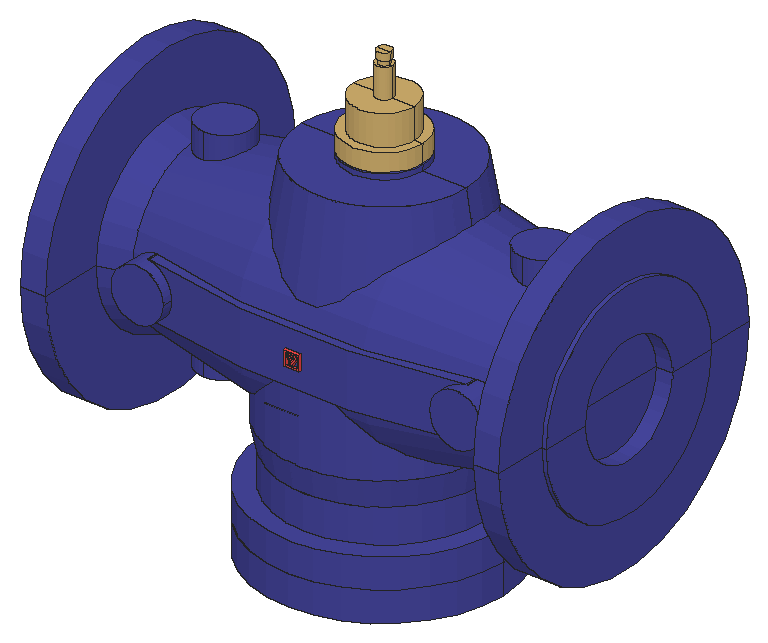
Revit family "Two port control valves 4035_PN25", category Rohrzubehör, Revit 2019
Family settings
  Bemaßung runder Anschluss = Durchmesser verwenden
  Teiletyp = Unterbricht
  OmniClass-Nummer = 23.65.55.14
  OmniClass-Titel = Valves for Liquid Services
  Arbeitsebenenbasiert = Nein
  Immer vertikal = Ja
  Beim Laden mit Abzugskörper schneiden = Nein
  Gemeinsam genutzt = Nein
Parameters (values of type "kvs63")
  kvs63 = yes
  kvs6.3 = no
  kvs40 = no
  kvs4 = no
  kvs330 = no
  kvs250 = no
  kvs25 = no
  kvs2.5 = no
  kvs160 = no
  kvs16 = no
  kvs100 = no
  kvs10 = no
  kvs1.6 = no
  kvs1 = no
  Weight [instance] = size_lookup("4035_PN25", "Gewicht", 25, Nennweite)  # 25
  Valve seat material = "WN1.4021"  # constant formula
  Valve cone material (up to DN50) = "WN1.4021"  # constant formula
  Valve cone material (from DN65 to DN150) = "EN-GJL-250/WN1.4021"  # constant formula
  Valve curve characteristic = "equal percentage"  # constant formula
  URL = "www.herzvalves.com"
  Stem material = "WN1.4404"  # constant formula
  SCTWSEQ = "FW;SBT_TYP_FW=\"101\";2"
  SCTWCODE = "04;05;02"  # constant formula
  SCRNSEQ = "ARM;ARM_TYP=\"DURR\";2"
  SCRNCODE = "05;06;02"  # constant formula
  R14 = 4 mm  # constant formula
  R13 = 3 mm  # constant formula
  R12 = 5 mm  # constant formula
  R11 [instance] = size_lookup("4035_PN25", "R11", 18 mm, Nennweite)  # 18 mm
  R10 [instance] = size_lookup("4035_PN25", "R10", 23 mm, Nennweite)  # 23 mm
  R09 [instance] = size_lookup("4035_PN25", "R9", 49 mm, Nennweite)  # 49 mm
  R08 [instance] = R00 + 3 mm  # 68 mm
  R07 [instance] = size_lookup("4035_PN25", "R7", 15.5 mm, Nennweite)  # 15.5 mm
  R06 [instance] = size_lookup("4035_PN25", "R6", 15.5 mm, Nennweite)  # 15.5 mm
  R05 [instance] = size_lookup("4035_PN25", "R5", 62.5 mm, Nennweite)  # 62.5 mm
  R04 [instance] = size_lookup("4035_PN25", "R4", 59.5 mm, Nennweite)  # 59.5 mm
  R03 [instance] = size_lookup("4035_PN25", "R3", 43 mm, Nennweite)  # 71 mm
  R02 [instance] = size_lookup("4035_PN25", "R2", 43 mm, Nennweite)  # 43 mm
  R01 [instance] = size_lookup("4035_PN25", "R1", 55.5 mm, Nennweite)  # 55.5 mm
  R00 [instance] = size_lookup("4035_PN25", "R", 65 mm, Nennweite)  # 65 mm
  Part number [instance] = if(and(kvs1, Nennweite = 15 mm), 403540, if(and(kvs1.6, Nennweite = 15 mm), 403551, if(and(kvs2.5, Nennweite = 15 mm), 403561, if(and(kvs4, Nennweite = 15 mm), 403571, if(and(kvs6.3, Nennweite = 25 mm), 403543, if(and(kvs10, Nennweite = 25 mm), 403553, if(and(kvs16, Nennweite = 32 mm), 403544, if(and(kvs25, Nennweite = 40 mm), 403545, if(and(kvs40, Nennweite = 50 mm), 403556, if(and(kvs63, Nennweite = 65 mm), 403547, if(and(kvs100, Nennweite = 80 mm), 403548, if(and(kvs160, Nennweite = 100 mm), 403549, if(and(kvs250, Nennweite = 125 mm), 403550, if(and(kvs330, Nennweite = 150 mm), 403542, 0))))))))))))))  # 403547
  PN = 25  # constant formula
  Nennweite [instance] = 65 mm
  min. Operating temperature = 5 °C  # constant formula
  max. Operating temperature = 150 °C  # constant formula
  max. Operating pressure = 2500000.0 Pa  # constant formula
  Medium = "water purity in accordance with the ÖNORM H 5195 and VDI 2035 standards"
  LO1 [instance] = size_lookup("4035_PN25", "LO1", 28.5 mm, Nennweite)  # 68 mm
  L07 [instance] = L06 - R06  # 94.5 mm
  L06 [instance] = size_lookup("4035_PN25", "L6", 110 mm, Nennweite)  # 110 mm
  L05 [instance] = D00  # 92.5 mm
  L03 = 10 mm  # constant formula
  L02 [instance] = size_lookup("4035_PN25", "L2", 15 mm, Nennweite)  # 15 mm
  L01 = 3 mm  # constant formula
  L00 [instance] = size_lookup("4035_PN25", "L", 145 mm, Nennweite)  # 145 mm
  Hersteller = "Herz-Armaturen GmbH"  # constant formula
  H18 [instance] = 17.5 mm  # constant formula
  H15 = 4 mm  # constant formula
  H14 [instance] = size_lookup("4035_PN25", "H14", 17 mm, Nennweite)  # 17 mm
  H13 [instance] = size_lookup("4035_PN25", "H13", 18 mm, Nennweite)  # 18 mm
  H12 [instance] = size_lookup("4035_PN25", "H12", 10.5 mm, Nennweite)  # 10.5 mm
  H11 [instance] = size_lookup("4035_PN25", "H11", 52.5 mm, Nennweite)  # 52.5 mm
  H10 [instance] = size_lookup("4035_PN25", "H10", 135.4 mm, Nennweite)  # 135.4 mm
  H09 = 3 mm  # constant formula
  H08 [instance] = size_lookup("4035_PN25", "H8", 79 mm, Nennweite)  # 79 mm
  H07 [instance] = R00  # 65 mm
  H06 [instance] = size_lookup("4035_PN25", "H6", 59 mm, Nennweite)  # 59 mm
  H05 [instance] = size_lookup("4035_PN25", "H5", 20 mm, Nennweite)  # 20 mm
  H04 [instance] = size_lookup("4035_PN25", "H4", 17 mm, Nennweite)  # 17 mm
  H02 [instance] = size_lookup("4035_PN25", "H2", 38 mm, Nennweite)  # 38 mm
  H03 [instance] = size_lookup("4035_PN25", "H3", 112 mm, Nennweite)  # 112 mm
  H01 [instance] = size_lookup("4035_PN25", "H1", 14 mm, Nennweite)  # 18 mm
  Valve body material = "EN-GJS-400-18-LT (EN 1563)"  # constant formula
  Sealing element material = "70EPDM"  # constant formula
  DN80 [instance] = Nennweite = 80 mm  # no
  DN65 [instance] = Nennweite = 65 mm  # yes
  DN50 [instance] = Nennweite = 50 mm  # no
  DN40 [instance] = Nennweite = 40 mm  # no
  DN32 [instance] = Nennweite = 32 mm  # no
  DN25 [instance] = Nennweite = 25 mm  # no
  DN150 [instance] = Nennweite = 150 mm  # no
  DN15 [instance] = Nennweite = 15 mm  # no
  DN125 [instance] = Nennweite = 125 mm  # no
  DN100 [instance] = Nennweite = 100 mm  # no
  D02 [instance] = Nennweite / 2  # 32.5 mm
  D01 [instance] = size_lookup("4035_PN25", "D1", 61 mm, Nennweite)  # 61 mm
  D00 [instance] = size_lookup("4035_PN25", "D", 92.5 mm, Nennweite)  # 92.5 mm
  Description = "the two port flanged valve is primarily designed to control the flow of circulation water in district heating and HVAC systems, as well as for remote closing of heating pipelines.\r\ncirculation medium should be cold, warm and hot water in temperature range from 5°C to 150°C.\r\nthe valve can be utilized in almost all heating, ventilation and air-conditioning systems and in industrial and technological processes.\r\nthe valve curve is equal percentage.\r\nregulation ratio (ratio between nominal and minimal flow coefficient) is 30:1.\r\nthe selection of the two port flanged valve is according to the diagram of kvs values.\r\n\r\nfor PN25, DN15-65 and DN125-150: valve is closed when the stem is out. valve is open when the stem is depressed.\r\nfor PN25, DN80-100: valve is open when the stem is out. valve is closed when the stem is depressed."
  Type of connection = "EN 1092-2"  # constant formula
Types (15, lengths in mm): name | kvs63 | kvs6.3 | kvs40 | kvs4 | kvs330 | kvs250 | kvs25 | kvs2.5 | kvs160 | kvs16 | kvs100 | kvs10 | kvs1.6 | kvs1 | Weight | R11 | R10 | R09 | R08 | R07 | R06 | R05 | R04 | R03 | R02 | R01 | R00 | Part number | Nennweite | LO1 | L07 | L06 | L05 | L02 | L00 | H14 | H13 | H12 | H11 | H10 | H08 | H07 | H06 | H05 | H04 | H02 | H03 | H01 | DN80 | DN65 | DN50 | DN40 | DN32 | DN25 | DN150 | DN15 | DN125 | DN100 | D02 | D01 | D00
  (no name) | yes | no | no | no | no | no | no | no | no | no | no | no | no | no | 25 | 18 | 23 | 49 | 68 | 15.5 | 15.5 | 62.5 | 59.5 | 71 | 43 | 55.5 | 65 | 403547 | 65 | 68 | 94.5 | 110 | 92.5 | 15 | 145 | 17 | 18 | 10.5 | 52.5 | 135.4 | 79 | 65 | 59 | 20 | 17 | 38 | 112 | 18 | no | yes | no | no | no | no | no | no | no | no | 32.5 | 61 | 92.5
  kvs1 | no | no | no | no | no | no | no | no | no | no | no | no | no | yes | 5 | 10 | 15 | 19.5 | 29.5 | 6 | 6 | 24 | 21 | 32.5 | 14 | 17 | 26.5 | 403540 | 15 | 27.5 | 34 | 40 | 47.5 | 11 | 65 | 13 | 14 | 6.8 | 40.8 | 80.3 | 36.5 | 26.5 | 24.5 | 5 | 13 | 11 | 49 | 14 | no | no | no | no | no | no | no | yes | no | no | 7.5 | 22.5 | 47.5
  kvs1.6 | no | no | no | no | no | no | no | no | no | no | no | no | yes | no | 5 | 10 | 15 | 19.5 | 29.5 | 6 | 6 | 24 | 21 | 32.5 | 14 | 17 | 26.5 | 403551 | 15 | 27.5 | 34 | 40 | 47.5 | 11 | 65 | 13 | 14 | 6.8 | 40.8 | 80.3 | 36.5 | 26.5 | 24.5 | 5 | 13 | 11 | 49 | 14 | no | no | no | no | no | no | no | yes | no | no | 7.5 | 22.5 | 47.5
  kvs2.5 | no | no | no | no | no | no | no | yes | no | no | no | no | no | no | 5 | 10 | 15 | 19.5 | 29.5 | 6 | 6 | 24 | 21 | 32.5 | 14 | 17 | 26.5 | 403561 | 15 | 27.5 | 34 | 40 | 47.5 | 11 | 65 | 13 | 14 | 6.8 | 40.8 | 80.3 | 36.5 | 26.5 | 24.5 | 5 | 13 | 11 | 49 | 14 | no | no | no | no | no | no | no | yes | no | no | 7.5 | 22.5 | 47.5
  kvs4 | no | no | no | yes | no | no | no | no | no | no | no | no | no | no | 5 | 10 | 15 | 19.5 | 29.5 | 6 | 6 | 24 | 21 | 32.5 | 14 | 17 | 26.5 | 403571 | 15 | 27.5 | 34 | 40 | 47.5 | 11 | 65 | 13 | 14 | 6.8 | 40.8 | 80.3 | 36.5 | 26.5 | 24.5 | 5 | 13 | 11 | 49 | 14 | no | no | no | no | no | no | no | yes | no | no | 7.5 | 22.5 | 47.5
  kvs6.3 | no | yes | no | no | no | no | no | no | no | no | no | no | no | no | 8 | 10 | 15 | 19.5 | 41 | 7 | 7 | 35.5 | 32.5 | 44 | 19.5 | 28.5 | 38 | 403543 | 25 | 40 | 45 | 52 | 57.5 | 13 | 80 | 13 | 14 | 6.8 | 40.8 | 88.3 | 44.5 | 38 | 35 | 5 | 15 | 3 | 64 | 16 | no | no | no | no | no | yes | no | no | no | no | 12.5 | 34 | 57.5
  kvs10 | no | no | no | no | no | no | no | no | no | no | no | yes | no | no | 8 | 10 | 15 | 19.5 | 41 | 7 | 7 | 35.5 | 32.5 | 44 | 19.5 | 28.5 | 38 | 403553 | 25 | 40 | 45 | 52 | 57.5 | 13 | 80 | 13 | 14 | 6.8 | 40.8 | 88.3 | 44.5 | 38 | 35 | 5 | 15 | 3 | 64 | 16 | no | no | no | no | no | yes | no | no | no | no | 12.5 | 34 | 57.5
  kvs16 | no | no | no | no | no | no | no | no | no | yes | no | no | no | no | 11.5 | 10 | 15 | 20.5 | 46 | 9 | 9 | 40.5 | 37.5 | 49 | 24.5 | 33.5 | 43 | 403544 | 32 | 45 | 51 | 60 | 70 | 13 | 90 | 17 | 18 | 10.5 | 52.5 | 102 | 46.5 | 43 | 39 | 15 | 15 | 4 | 84 | 16 | no | no | no | no | yes | no | no | no | no | no | 16 | 39 | 70
  kvs25 | no | no | no | no | no | no | yes | no | no | no | no | no | no | no | 13 | 10 | 15 | 20.5 | 51 | 12 | 12 | 45.5 | 42.5 | 54 | 29 | 38.5 | 48 | 403545 | 40 | 50 | 56 | 68 | 75 | 13 | 100 | 17 | 18 | 10.5 | 52.5 | 112 | 56.5 | 48 | 43 | 20 | 15 | 1 | 94 | 16 | no | no | no | yes | no | no | no | no | no | no | 20 | 44 | 75
  kvs63 | yes | no | no | no | no | no | no | no | no | no | no | no | no | no | 25 | 18 | 23 | 49 | 68 | 15.5 | 15.5 | 62.5 | 59.5 | 71 | 43 | 55.5 | 65 | 403547 | 65 | 68 | 94.5 | 110 | 92.5 | 15 | 145 | 17 | 18 | 10.5 | 52.5 | 135.4 | 79 | 65 | 59 | 20 | 17 | 38 | 112 | 18 | no | yes | no | no | no | no | no | no | no | no | 32.5 | 61 | 92.5
  kvs100 | no | no | no | no | no | no | no | no | no | no | yes | no | no | no | 31 | 18 | 23 | 49 | 76 | 15.5 | 15.5 | 70.5 | 67.5 | 79 | 51 | 63.5 | 73 | 403548 | 80 | 77 | 99.5 | 115 | 100 | 17 | 155 | 17 | 18 | 10.5 | 52.5 | 168.5 | 113 | 73 | 65 | 20 | 19 | 46 | 125 | 20 | yes | no | no | no | no | no | no | no | no | no | 40 | 69 | 100
  kvs160 | no | no | no | no | no | no | no | no | yes | no | no | no | no | no | 46 | 30 | 35 | 61 | 86 | 20.5 | 20.5 | 80.5 | 77.5 | 89 | 61 | 73.5 | 83 | 403549 | 100 | 88 | 112.5 | 133 | 110 | 17 | 175 | 21 | 22 | 14.2 | 64.2 | 189.7 | 122.5 | 83 | 73 | 25 | 19 | 65 | 135 | 20 | no | no | no | no | no | no | no | no | no | yes | 50 | 79 | 110
  kvs250 | no | no | no | no | no | yes | no | no | no | no | no | no | no | no | 72 | 30 | 35 | 61 | 101 | 20.5 | 20.5 | 95.5 | 92.5 | 104 | 76 | 88.5 | 98 | 403550 | 125 | 103 | 134.5 | 155 | 125 | 19 | 200 | 21 | 22 | 14.2 | 64.2 | 231 | 163.5 | 98 | 80 | 30 | 21 | 44 | 158 | 21 | no | no | no | no | no | no | no | no | yes | no | 62.5 | 94 | 125
  kvs330 | no | no | no | no | yes | no | no | no | no | no | no | no | no | no | 91 | 30 | 35 | 61 | 113 | 20.5 | 20.5 | 107.5 | 104.5 | 116 | 88 | 100.5 | 110 | 403542 | 150 | 115 | 174.5 | 195 | 142.5 | 19 | 240 | 21 | 22 | 14.2 | 64.2 | 237.5 | 170 | 110 | 85 | 25 | 21 | 42 | 153 | 21 | no | no | no | no | no | no | yes | no | no | no | 75 | 106 | 142.5
  kvs40 | no | no | yes | no | no | no | no | no | no | no | no | no | no | no | 16 | 18 | 23 | 49 | 56 | 13.5 | 13.5 | 52.5 | 49.5 | 61 | 34 | 45.5 | 53 | 403556 | 50 | 56 | 66.5 | 80 | 82.5 | 15 | 115 | 17 | 18 | 10.5 | 52.5 | 122 | 66.5 | 53 | 43 | 1 | 15 | 42 | 67 | 18 | no | no | yes | no | no | no | no | no | no | no | 25 | 51 | 82.5
Reference planes
  plane 1 "Mitte (Vorne/hinten)": y = 0
  plane 2: z = 0
  plane 3 "Mitte (Links/rechts)": x = 0
Forms (mm)
  Revolve 1, solid, material "kunststoff-BLAU", detail levels fine
    sketch origin (1065, 0, 0) x (1, 0, 0) y (0, 1, 0)
      loop
        line (-1207, 61) -> (-1210, 61) -> (-1210, 32.5) -> (-1200, 32.5) -> (-1200, 0) -> (-930, 0) -> (-930, 32.5) -> (-920, 32.5) -> (-920, 61) -> (-923, 61) -> (-923, 92.5) -> (-938, 92.5) -> (-938, 55.5) -> (-955, 49.943)
        arc (-955, 49.943) -> (-1065, 65) -> (-1175, 49.943) r 409.331
        line (-1175, 49.943) -> (-1192, 55.5) -> (-1192, 92.5) -> (-1207, 92.5) -> (-1207, 61)
      axis (-920, 0) -> (-1210, 0)
    angle from 0 to 360
  Extrusion 2, solid, material "kunststoff-BLAU", detail levels fine
    sketch origin (0, 0, 0) x (-1, 0, 0) y (0, 0, -1)
      loop
        circle (94.5, 0) r 15.5
      loop
        circle (-94.5, 0) r 15.5
    from -65 to 65
  Extrusion 3, solid, material "kunststoff-BLAU", visible <- "DN65", detail levels fine
    sketch origin (0, 0, 0) x (1, 0, 0) y (0, 1, 0)
      loop
        arc (-95, -56.907) -> (0, -68) -> (95, -56.907) r 412.331
        line (95, -56.907) -> (95, 56.907)
        arc (95, 56.907) -> (0, 68) -> (-95, 56.907) r 412.331
        line (-95, 56.907) -> (-95, -56.907)
    from -15.5 to 15.5
  Revolve 4, solid, material "kunststoff-BLAU", detail levels fine
    sketch origin (0, 0, 0) x (1, 0, 0) y (0, 0, 1)
      loop
        line (-49, 79) -> (-62.5, 0) -> (0, 0) -> (0, 82) -> (-23, 82) -> (-23, 79) -> (-49, 79)
      axis (0, 82) -> (0, 0)
    angle from 0 to 360
  Revolve 5, solid, material "kunststoff-BLAU", detail levels fine
    sketch origin (0, 0, 0) x (1, 0, 0) y (0, 0, 1)
      loop
        line (0, 0) -> (-62.5, 0) -> (-62.5, -59) -> (-59.5, -74.5) -> (-59.5, -94.5) -> (-71, -94.5) -> (-71, -112) -> (0, -112) -> (0, 0)
      axis (0, 0) -> (0, -112)
    angle from 0 to 360
  Revolve 6, solid, material "kunststoff-BLAU", detail levels fine
    sketch origin (0, 0, 0) x (1, 0, 0) y (0, 0, 1)
      loop
        line (0, -112) -> (-71, -112) -> (-71, -130) -> (0, -130) -> (0, -112)
      axis (0, -112) -> (0, -130)
    angle from 0 to 360
  Extrusion 7, solid, material "kunststoff-BLAU", detail levels fine
    sketch origin (0, 0, 0) x (0, -1, 0) y (1, 0, 0)
      loop
        circle (0, -94.5) r 15.5
      loop
        circle (0, 94.5) r 15.5
    from -65 to 65
  Extrusion 8, solid, material "kunststoff-BLAU", visible <- "DN150", detail levels fine
    sketch origin (0, 0, 0) x (1, 0, 0) y (0, 1, 0)
      loop
        arc (-179.5, -78.475) -> (0, -115) -> (179.5, -78.475) r 459.331
        line (179.5, -78.475) -> (179.5, 78.475)
        arc (179.5, 78.475) -> (0, 115) -> (-179.5, 78.475) r 459.331
        line (-179.5, 78.475) -> (-179.5, -78.475)
    from -20.5 to 20.5
  Extrusion 9, solid, material "kunststoff-BLAU", visible <- "DN125", detail levels fine
    sketch origin (0, 0, 0) x (1, 0, 0) y (0, 1, 0)
      loop
        arc (-134.5, -82.301) -> (0, -103) -> (134.5, -82.301) r 447.331
        line (134.5, -82.301) -> (134.5, 82.301)
        arc (134.5, 82.301) -> (0, 103) -> (-134.5, 82.301) r 447.331
        line (-134.5, 82.301) -> (-134.5, -82.301)
    from -20.5 to 20.5
  Extrusion 10, solid, material "kunststoff-BLAU", visible <- "DN100", detail levels fine
    sketch origin (0, 0, 0) x (1, 0, 0) y (0, 1, 0)
      loop
        arc (-112.5, -73.106) -> (0, -88) -> (112.5, -73.106) r 432.331
        line (112.5, -73.106) -> (112.5, 73.106)
        arc (112.5, 73.106) -> (0, 88) -> (-112.5, 73.106) r 432.331
        line (-112.5, 73.106) -> (-112.5, -73.106)
    from -20.5 to 20.5
  Extrusion 11, solid, material "kunststoff-BLAU", visible <- "DN80", detail levels fine
    sketch origin (0, 0, 0) x (1, 0, 0) y (0, 1, 0)
      loop
        line (99.5, -65.083) -> (99.5, 65.083)
        arc (99.5, 65.083) -> (0, 77) -> (-99.5, 65.083) r 421.331
        line (-99.5, 65.083) -> (-99.5, -65.083)
        arc (-99.5, -65.083) -> (0, -77) -> (99.5, -65.083) r 421.331
    from -15.5 to 15.5
  Extrusion 12, solid, material "kunststoff-BLAU", visible <- "DN50", detail levels fine
    sketch origin (0, 0, 0) x (1, 0, 0) y (0, 1, 0)
      loop
        arc (-66.5, -50.44) -> (0, -56.006) -> (66.5, -50.44) r 400.05
        line (66.5, -50.44) -> (66.5, 50.44)
        arc (66.5, 50.44) -> (0, 56.006) -> (-66.5, 50.44) r 400.05
        line (-66.5, 50.44) -> (-66.5, -50.44)
    from -13.5 to 13.5
  Extrusion 13, solid, material "kunststoff-BLAU", visible <- "DN40", detail levels fine
    sketch origin (0, 0, 0) x (1, 0, 0) y (0, 1, 0)
      loop
        arc (-56, -46.003) -> (0, -50) -> (56, -46.003) r 394.331
        line (56, -46.003) -> (56, 46.003)
        arc (56, 46.003) -> (0, 50) -> (-56, 46.003) r 394.331
        line (-56, 46.003) -> (-56, -46.003)
    from -12 to 12
  Extrusion 14, solid, material "kunststoff-BLAU", visible <- "DN32", detail levels fine
    sketch origin (0, 0, 0) x (1, 0, 0) y (0, 1, 0)
      loop
        arc (-51, -41.645) -> (0, -45) -> (51, -41.645) r 389.331
        line (51, -41.645) -> (51, 41.645)
        arc (51, 41.645) -> (0, 45) -> (-51, 41.645) r 389.331
        line (-51, 41.645) -> (-51, -41.645)
    from -9 to 9
  Extrusion 15, solid, material "kunststoff-BLAU", visible <- "DN25", detail levels fine
    sketch origin (0, 0, 0) x (1, 0, 0) y (0, 1, 0)
      loop
        line (45, -37.356) -> (45, 37.356)
        arc (45, 37.356) -> (0, 40) -> (-45, 37.356) r 384.331
        line (-45, 37.356) -> (-45, -37.356)
        arc (-45, -37.356) -> (0, -40) -> (45, -37.356) r 384.331
    from -7 to 7
  Extrusion 16, solid, material "kunststoff-BLAU", visible <- "DN15", detail levels fine
    sketch origin (0, 0, 0) x (1, 0, 0) y (0, 1, 0)
      loop
        line (-34, 25.942) -> (-34, -25.942)
        arc (-34, -25.942) -> (0, -27.5) -> (34, -25.942) r 371.831
        line (34, -25.942) -> (34, 25.942)
        arc (34, 25.942) -> (0, 27.5) -> (-34, 25.942) r 371.831
    from -6 to 6
  Revolve 17, solid, material "Messing-poliert", detail levels fine
    sketch origin (0, 0, 0) x (1, 0, 0) y (0, 0, 1)
      loop
        line (-23, 93.4) -> (-23, 82.9) -> (0, 82.9) -> (0, 135.4) -> (-4, 135.4) -> (-4, 131.4) -> (-3, 131.4) -> (-3, 128.4) -> (-5, 128.4) -> (-5, 111.4) -> (-18, 111.4) -> (-18, 93.4) -> (-23, 93.4)
      axis (0, 135.4) -> (0, 82.9)
    angle from 0 to 360
Lines and regions (mm)
  model lines, detail levels coarse+medium
    curve 1: line (145, 92.5, 0) -> (145, -92.5, 0)
    curve 2: line (145, -92.5, 0) -> (-145, 92.5, 0)
    curve 3: line (-145, 92.5, 0) -> (-145, -92.5, 0)
    curve 4: line (-145, -92.5, 0) -> (145, 92.5, 0)
    curve 5: line (145, 0, 92.5) -> (145, 0, -92.5)
    curve 6: line (145, 0, -92.5) -> (-145, 0, 92.5)
    curve 7: line (-145, 0, 92.5) -> (-145, 0, -92.5)
    curve 8: line (-145, 0, -92.5) -> (145, 0, 92.5)
Dimensions and locks
  "L00": Revolve 1 sketch curve to plane 3 "Mitte (Links/rechts)" to Revolve 1 sketch curve
  "D00": plane 1 "Mitte (Vorne/hinten)" to Revolve 1 sketch curve  (x2)
  "D02": plane 1 "Mitte (Vorne/hinten)" to Revolve 1 sketch curve  (x2)
  "L01": Revolve 1 sketch curve to Revolve 1 sketch curve  (x2)
  "L02": Revolve 1 sketch curve to Revolve 1 sketch curve  (x2)
  "D01": plane 1 "Mitte (Vorne/hinten)" to Revolve 1 sketch curve  (x2)
  "R01": plane 1 "Mitte (Vorne/hinten)" to Revolve 1 sketch curve  (x2)
  "R00": Revolve 1 sketch curve to Revolve 1 sketch curve
  "L03": Revolve 1 sketch curve to Revolve 1 sketch curve  (x2)
  "H01": Revolve 6 sketch curve to Revolve 6 sketch curve
  "R03": plane 3 "Mitte (Links/rechts)" to Revolve 6 sketch curve
  "R03": Revolve 5 sketch curve to Revolve 5 sketch curve
  "H03": plane 2 to Revolve 5 sketch curve
  "H06": Revolve 5 sketch curve to Revolve 5 sketch curve
  "R04": Revolve 5 sketch curve to Revolve 5 sketch curve
  "R05": Revolve 5 sketch curve to Revolve 5 sketch curve
  "H05": Revolve 5 sketch curve to Revolve 5 sketch curve
  "L06": Revolve 1 sketch curve to plane 3 "Mitte (Links/rechts)" to Revolve 1 sketch curve
  "H03": plane 2 to Revolve 6 sketch curve
  "R09": Revolve 4 sketch curve to Revolve 4 sketch curve
  "R05": Revolve 4 sketch curve to Revolve 4 sketch curve
  "H07": Extrusion 7 to plane 2 to Extrusion 7  (x2)
  "L07": plane 3 "Mitte (Links/rechts)" to Extrusion 7 sketch curve
  "L07": Extrusion 7 sketch curve to plane 3 "Mitte (Links/rechts)"
  "H07": Extrusion 2 to plane 1 "Mitte (Vorne/hinten)"  (x3)
  "L07": plane 3 "Mitte (Links/rechts)" to Extrusion 2 sketch curve
  "L07": Extrusion 2 sketch curve to plane 3 "Mitte (Links/rechts)"
  "H07": plane 1 "Mitte (Vorne/hinten)" to Extrusion 2
  "H08": Revolve 4 sketch curve to plane 2
  "H09": Revolve 4 sketch curve to Revolve 4 sketch curve
  "R10": plane 3 "Mitte (Links/rechts)" to Revolve 4 sketch curve
  "H11": Revolve 17 sketch curve to Revolve 17 sketch curve
  "H10": Revolve 17 sketch curve to plane 2
  "R10": plane 3 "Mitte (Links/rechts)" to Revolve 17 sketch curve
  "H12": Revolve 17 sketch curve to Revolve 17 sketch curve
  "H13": Revolve 17 sketch curve to Revolve 17 sketch curve
  "H14": Revolve 17 sketch curve to Revolve 17 sketch curve
  "H15": Revolve 17 sketch curve to Revolve 17 sketch curve
  "R14": plane 3 "Mitte (Links/rechts)" to Revolve 17 sketch curve
  "R13": plane 3 "Mitte (Links/rechts)" to Revolve 17 sketch curve
  "R11": plane 3 "Mitte (Links/rechts)" to Revolve 17 sketch curve
  "R12": plane 3 "Mitte (Links/rechts)" to Revolve 17 sketch curve
  "LO1": nested 1 to plane 1 "Mitte (Vorne/hinten)"
  "H18": Revolve 5 sketch curve to Revolve 6
  "L00": curve 3 to plane 3 "Mitte (Links/rechts)" to curve 1
  "D00": curve 4 to plane 1 "Mitte (Vorne/hinten)" to curve 3
  "D00": curve 2 to plane 1 "Mitte (Vorne/hinten)" to curve 4
  "L00": curve 7 to plane 3 "Mitte (Links/rechts)" to curve 5
  "D00": curve 8 to plane 2 to curve 6
  "D00": curve 7 to plane 2 to curve 8
  "R06": radius of Extrusion 7 sketch curve  (x2)
  "R07": radius of Extrusion 2 sketch curve  (x2)
  aligned and locked: level to plane 2
Automatic sketch dimensions
  Extrusion 3 sketch curve to plane 1 "Mitte (Vorne/hinten)" = 56.907 mm  (x2)
  Extrusion 3 sketch curve to plane 3 "Mitte (Links/rechts)" = 0 mm  (x2)
  Extrusion 3 sketch curve to Extrusion 3 sketch curve = 113.814 mm
  Extrusion 3 sketch curve to Extrusion 3 sketch curve = 287.425 mm
  Extrusion 3 sketch curve to plane 1 "Mitte (Vorne/hinten)" = 344.331 mm
  plane 3 "Mitte (Links/rechts)" to Extrusion 3 sketch curve = 95 mm
  Extrusion 8 sketch curve to plane 3 "Mitte (Links/rechts)" = 0 mm  (x2)
  Extrusion 8 sketch curve to plane 1 "Mitte (Vorne/hinten)" = 78.475 mm  (x2)
  plane 1 "Mitte (Vorne/hinten)" to Extrusion 8 sketch curve = 78.475 mm
  Extrusion 8 sketch curve to plane 3 "Mitte (Links/rechts)" = 179.5 mm
  Extrusion 8 sketch curve to Extrusion 8 sketch curve = 265.857 mm
  Extrusion 8 sketch curve to plane 1 "Mitte (Vorne/hinten)" = 344.331 mm
  plane 3 "Mitte (Links/rechts)" to Extrusion 9 sketch curve = 134.5 mm
  plane 1 "Mitte (Vorne/hinten)" to Extrusion 9 sketch curve = 82.301 mm  (x2)
  Extrusion 9 sketch curve to plane 3 "Mitte (Links/rechts)" = 0 mm  (x2)
  Extrusion 9 sketch curve to Extrusion 9 sketch curve = 262.031 mm  (x2)
  Extrusion 9 sketch curve to plane 1 "Mitte (Vorne/hinten)" = 82.301 mm
  Extrusion 10 sketch curve to plane 3 "Mitte (Links/rechts)" = 0 mm  (x2)
  plane 1 "Mitte (Vorne/hinten)" to Extrusion 10 sketch curve = 73.106 mm
  Extrusion 10 sketch curve to plane 3 "Mitte (Links/rechts)" = 112.5 mm
  Extrusion 10 sketch curve to Extrusion 10 sketch curve = 271.225 mm
  Extrusion 10 sketch curve to plane 1 "Mitte (Vorne/hinten)" = 344.331 mm
  Extrusion 10 sketch curve to plane 1 "Mitte (Vorne/hinten)" = 73.106 mm  (x2)
  Extrusion 11 sketch curve to plane 3 "Mitte (Links/rechts)" = 0 mm  (x2)
  plane 1 "Mitte (Vorne/hinten)" to Extrusion 11 sketch curve = 65.083 mm  (x2)
  Extrusion 11 sketch curve to plane 3 "Mitte (Links/rechts)" = 99.5 mm
  Extrusion 11 sketch curve to Extrusion 11 sketch curve = 279.249 mm
  Extrusion 11 sketch curve to plane 1 "Mitte (Vorne/hinten)" = 344.331 mm
  Extrusion 11 sketch curve to plane 1 "Mitte (Vorne/hinten)" = 65.083 mm
  Extrusion 12 sketch curve to plane 3 "Mitte (Links/rechts)" = 0 mm  (x2)
  Extrusion 12 sketch curve to plane 3 "Mitte (Links/rechts)" = 66.5 mm
  plane 3 "Mitte (Links/rechts)" to Extrusion 12 sketch curve = 66.5 mm
  plane 1 "Mitte (Vorne/hinten)" to Extrusion 12 sketch curve = 344.044 mm
  plane 1 "Mitte (Vorne/hinten)" to Extrusion 12 sketch curve = 50.44 mm
  Extrusion 12 sketch curve to plane 1 "Mitte (Vorne/hinten)" = 50.44 mm
  Extrusion 12 sketch curve to Extrusion 12 sketch curve = 293.604 mm
  Extrusion 13 sketch curve to plane 3 "Mitte (Links/rechts)" = 0 mm  (x2)
  Extrusion 13 sketch curve to plane 3 "Mitte (Links/rechts)" = 56 mm
  plane 3 "Mitte (Links/rechts)" to Extrusion 13 sketch curve = 56 mm
  plane 1 "Mitte (Vorne/hinten)" to Extrusion 13 sketch curve = 344.331 mm
  plane 1 "Mitte (Vorne/hinten)" to Extrusion 13 sketch curve = 46.003 mm
  Extrusion 13 sketch curve to plane 1 "Mitte (Vorne/hinten)" = 46.003 mm
  Extrusion 13 sketch curve to Extrusion 13 sketch curve = 298.328 mm
  Extrusion 14 sketch curve to plane 3 "Mitte (Links/rechts)" = 0 mm  (x2)
  Extrusion 14 sketch curve to plane 3 "Mitte (Links/rechts)" = 51 mm
  plane 3 "Mitte (Links/rechts)" to Extrusion 14 sketch curve = 51 mm
  plane 1 "Mitte (Vorne/hinten)" to Extrusion 14 sketch curve = 344.331 mm
  plane 1 "Mitte (Vorne/hinten)" to Extrusion 14 sketch curve = 41.645 mm
  Extrusion 14 sketch curve to plane 1 "Mitte (Vorne/hinten)" = 41.645 mm
  Extrusion 14 sketch curve to Extrusion 14 sketch curve = 302.686 mm
  Extrusion 15 sketch curve to plane 3 "Mitte (Links/rechts)" = 0 mm  (x2)
  Extrusion 15 sketch curve to plane 3 "Mitte (Links/rechts)" = 45 mm
  plane 3 "Mitte (Links/rechts)" to Extrusion 15 sketch curve = 45 mm
  plane 1 "Mitte (Vorne/hinten)" to Extrusion 15 sketch curve = 344.331 mm
  plane 1 "Mitte (Vorne/hinten)" to Extrusion 15 sketch curve = 37.356 mm
  Extrusion 15 sketch curve to plane 1 "Mitte (Vorne/hinten)" = 37.356 mm
  Extrusion 15 sketch curve to Extrusion 15 sketch curve = 306.975 mm
  Extrusion 16 sketch curve to plane 3 "Mitte (Links/rechts)" = 0 mm  (x2)
  Extrusion 16 sketch curve to plane 3 "Mitte (Links/rechts)" = 34 mm
  plane 3 "Mitte (Links/rechts)" to Extrusion 16 sketch curve = 34 mm
  plane 1 "Mitte (Vorne/hinten)" to Extrusion 16 sketch curve = 344.331 mm
  plane 1 "Mitte (Vorne/hinten)" to Extrusion 16 sketch curve = 25.942 mm
  Extrusion 16 sketch curve to plane 1 "Mitte (Vorne/hinten)" = 25.942 mm
  Extrusion 16 sketch curve to Extrusion 16 sketch curve = 318.389 mm
  Revolve 1 sketch curve to plane 1 "Mitte (Vorne/hinten)" = 0 mm
  Revolve 1 sketch curve to plane 3 "Mitte (Links/rechts)" = 0 mm
  plane 1 "Mitte (Vorne/hinten)" to Revolve 1 sketch curve = 0 mm
  plane 1 "Mitte (Vorne/hinten)" to Revolve 1 sketch curve = 344.331 mm
  Revolve 1 sketch curve to Revolve 1 sketch curve = 1855 mm  (x2)
  Extrusion 2 sketch curve to level = 0 mm  (x2)
  Revolve 4 sketch curve to level = 0 mm
  Revolve 4 sketch curve to plane 3 "Mitte (Links/rechts)" = 0 mm  (x2)
  Revolve 4 sketch curve to Revolve 4 sketch curve = 366.045 mm
  Revolve 4 sketch curve to Revolve 4 sketch curve = 2132.315 mm
  Revolve 5 sketch curve to level = 0 mm
  Revolve 5 sketch curve to plane 3 "Mitte (Links/rechts)" = 0 mm  (x2)
  Revolve 5 sketch curve to Revolve 5 sketch curve = 254.045 mm
  level to Revolve 5 sketch curve = 2214.315 mm
  Revolve 6 sketch curve to plane 3 "Mitte (Links/rechts)" = 0 mm  (x2)
  Revolve 6 sketch curve to Revolve 6 sketch curve = 0 mm
  level to Revolve 6 sketch curve = 2214.315 mm
  plane 1 "Mitte (Vorne/hinten)" to Extrusion 7 sketch curve = 0 mm  (x2)
  Revolve 17 sketch curve to plane 3 "Mitte (Links/rechts)" = 0 mm  (x2)
  Revolve 17 sketch curve to level = 366.045 mm
  Revolve 17 sketch curve to Revolve 17 sketch curve = 2079.815 mm
Nested families
  nested 1: "Herz-Logo-vorne" at (-0.018, -68, 0) x (0, 1, 0) z (0, 0, 1), type "Herz-Logo-vorne", detail levels fine
Connectors
  piping at (-145, 0, 0), diameter 65, driven by "Nennweite"
    settings: on Revolve 1, index 1, connector inside diameter 609.6 mm, connector length 0 mm, flow factor 0, pipe flow 0.0 L/s, pressure drop 0.0 Pa, fitting loss kfactor 0, connector angle 0.00°, fixture units 0, engagement length 0 mm, angle of deflection 0.00°, flow configuration 0, flow direction 1, fitting loss method 0, system type 29, joint type 0, gender type 0, connector reference index -1, connector utility 0, adjustable connector no, is connector primary yes, connector description ""
  piping at (145, 0, 0), diameter 65, driven by "Nennweite"
    settings: on Revolve 1, index 2, connector inside diameter 609.6 mm, connector length 0 mm, flow factor 0, pipe flow 0.0 L/s, pressure drop 0.0 Pa, fitting loss kfactor 0, connector angle 0.00°, fixture units 0, engagement length 0 mm, angle of deflection 0.00°, flow configuration 0, flow direction 2, fitting loss method 0, system type 29, joint type 0, gender type 0, connector reference index -1, connector utility 0, adjustable connector no, is connector primary no, connector description ""
Definition of nested family "Herz-Logo-vorne"
  Reference planes
    plane 1 "Mitte (Vorne/hinten)": y = 0
    plane 2: z = 0
    plane 3 "Mitte (Links/rechts)": x = 0
  Forms (mm)
    Extrusion 1, solid
      sketch origin (0.732, -0.018, 0.017) x (0, -1, 0) y (0, 0, 1)
        loop
          line (-0.018, -4.517) -> (4.482, -4.517) -> (4.482, 4.483) -> (-4.518, 4.483) -> (-4.518, -4.517) -> (-0.018, -4.517)
        loop
          line (-0.05, -3.48) -> (3.482, -3.48) -> (3.482, 3.483) -> (-3.518, 3.483) -> (-3.518, -3.48) -> (-0.05, -3.48)
        loop
          arc (-0.018, 2.383) -> (-1.543, 3.287) -> (-3.067, 2.383) r 1.738
          arc (-3.067, 2.383) -> (-3.191, 1.899) -> (-3.067, 1.415) r 1.009
          line (-3.067, 1.415) -> (-0.018, -3.281) -> (3.032, 1.415)
          arc (3.032, 1.415) -> (3.156, 1.899) -> (3.032, 2.383) r 1.009
          arc (3.032, 2.383) -> (1.507, 3.287) -> (-0.018, 2.383) r 1.738
        loop
          arc (1.885, 1.272) -> (2.005, 1.675) -> (1.885, 2.079) r 0.74
          arc (1.885, 2.079) -> (1.265, 2.416) -> (0.644, 2.079) r 0.74
          line (0.644, 2.079) -> (-0.018, 0.97) -> (-0.679, 2.079)
          arc (-0.679, 2.079) -> (-1.3, 2.416) -> (-1.921, 2.079) r 0.74
          arc (-1.921, 2.079) -> (-2.04, 1.675) -> (-1.921, 1.272) r 0.74
          line (-1.921, 1.272) -> (-0.018, -1.658) -> (1.885, 1.272)
      from 0 to 1.5
  Dimensions and locks
    aligned and locked: level to plane 2
